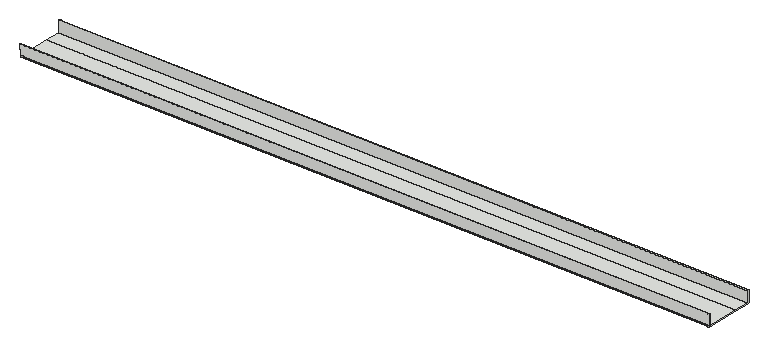
Revit family "PR725", category Mechanical Equipment, Revit 2018
Family settings
  Round Connector Dimension = Use Diameter
  Part Type = Normal
  OmniClass Number = 23.75.00.00
  OmniClass Title = Climate Control (HVAC)
  Work Plane-Based = No
  Always vertical = Yes
  Cut with Voids When Loaded = No
  Shared = No
  Room Calculation Point = No
Parameters (values of type "ISOLAMIN PR725 flashing")
  URL = "http://www.isolamin.se/"
  Thickness = "0.7 mm (Different thicknesses are available on request)"
  Profile Length = 1180 mm
  Model = "PR725"
  Material = "Galvanized Steel"
  Manufacturer = "ISOLAMIN AB"
  Edition = "1.0 (2018)"
Reference planes
  plane 1 "Center (Front/Back)": y = 0
  plane 2: z = 0
  plane 3 "Center (Left/Right)": x = 0
  plane 4: y = -1284.913
  plane 5: x = 1180
Forms (mm)
  Extrusion 1, solid, material "ISOLAMIN Surface Profile Material"
    sketch origin (0, 0, 0) x (0, 1, 0) y (0, 0, 1)
      loop
        line (-1, 1) -> (-26.26, 1) -> (-82.036, 1) -> (-82.036, 20) -> (-83.036, 20) -> (-83.036, 1)
        arc (-83.036, 1) -> (-82.743, 0.293) -> (-82.036, 0) r 1
        line (-82.036, 0) -> (-26.26, 0) -> (-1, 0)
        arc (-1, 0) -> (-0.293, 0.293) -> (0, 1) r 1
        line (0, 1) -> (0, 20) -> (-1, 20) -> (-1, 1)
    from 0 to 1180
Dimensions and locks
  "Profile Length": plane 3 "Center (Left/Right)" to plane 5
  aligned and locked: level to plane 2
  aligned and locked: plane 5 to Extrusion 1
Automatic sketch dimensions
  Extrusion 1 sketch curve to level = 0 mm
  Extrusion 1 sketch curve to plane 1 "Center (Front/Back)" = 0 mm
  plane 1 "Center (Front/Back)" to Extrusion 1 sketch curve = 1 mm
  Extrusion 1 sketch curve to Extrusion 1 sketch curve = 0 mm  (x4)
  Extrusion 1 sketch curve to Extrusion 1 sketch curve = 25.26 mm
  level to Extrusion 1 sketch curve = 20 mm
  Extrusion 1 sketch curve to Extrusion 1 sketch curve = 55.776 mm
  Extrusion 1 sketch curve to Extrusion 1 sketch curve = 1 mm
  Extrusion 1 sketch curve to Extrusion 1 sketch curve = 19 mm
